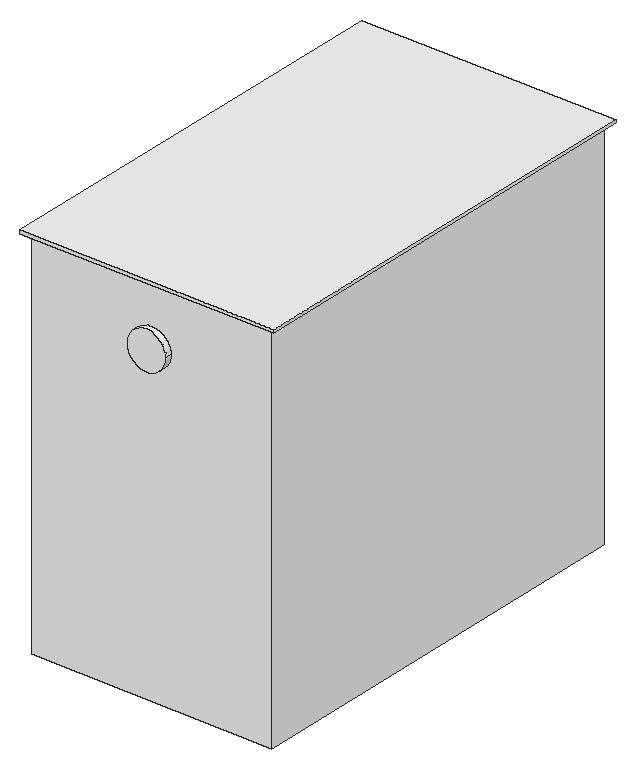
Revit family "MI-FISH", category Plumbing Fixtures, host Face, Revit 2026
Family settings
  Host = Face
  Round Connector Dimension = Use Radius
  Part Type = Normal
  Classification Number = 23.45.30.00
  Enable Cutting in Views = No
  Cut with Voids When Loaded = No
  Maintain Annotation Orientation = No
  Shared = No
  Room Calculation Point = No
Parameters (values of type "MI-FISH-9")
  Water Capacity = "506.42 Gallons"
  WFU = 0
  URL = "www.mifab.com"
  Standard Inlet And Outlet Radii = F / 2  # 3.000"
  Model = "MI-FISH-9"
  Manufacturer = "MIFAB"
  Interceptor Material = Acid Resistant Epoxy Coated Green
  F = 6.000"
  E = 60.000"
  Description = "Fish Scale Interceptor"
  Default Elevation = 0.000"
  D = 50.000"
  C = 10.000"
  B = 40.000"
  Assembly Code = "D2090300"
  A = 67.500"
Types (13): name | Water Capacity | Standard Inlet And Outlet Radii | Model | F | E | D | C | B | A
  (no name) | "506.42 Gallons" | 3.000" | "MI-FISH-9" | 6.000" | 60.000" | 50.000" | 10.000" | 40.000" | 67.500"
  MI-FISH-1 | "34.29 Gallons" | 1.000" | "MI-FISH-1" | 2.000" | 20.000" | 17.000" | 3.000" | 20.000" | 29.500"
  MI-FISH-2 | "40.74 Gallons" | 1.500" | "MI-FISH-2" | 3.000" | 24.000" | 20.000" | 4.000" | 20.500" | 29.500"
  MI-FISH-3 | "80.18 Gallons" | 1.500" | "MI-FISH-3" | 3.000" | 30.000" | 26.000" | 4.000" | 26.000" | 33.500"
  MI-FISH-4 | "114.03 Gallons" | 1.500" | "MI-FISH-4" | 3.000" | 32.000" | 28.000" | 4.000" | 30.000" | 37.500"
  MI-FISH-5 | "155.64 Gallons" | 2.000" | "MI-FISH-5" | 4.000" | 36.000" | 30.000" | 6.000" | 26.000" | 55.500"
  MI-FISH-6 | "213.80 Gallons" | 3.000" | "MI-FISH-6" | 6.000" | 40.000" | 32.000" | 8.000" | 28.000" | 67.500"
  MI-FISH-7 | "302.26 Gallons" | 3.000" | "MI-FISH-7" | 6.000" | 54.000" | 44.000" | 10.000" | 28.000" | 67.500"
  MI-FISH-8 | "404.91 Gallons" | 3.000" | "MI-FISH-8" | 6.000" | 66.000" | 54.000" | 12.000" | 30.000" | 67.500"
  MI-FISH-9 | "506.42 Gallons" | 3.000" | "MI-FISH-9" | 6.000" | 60.000" | 50.000" | 10.000" | 40.000" | 67.500"
  MI-FISH-10 | "868.65 Gallons" | 3.000" | "MI-FISH-10" | 6.000" | 62.000" | 54.000" | 8.000" | 40.000" | 91.500"
  MI-FISH-11 | "1017.35 Gallons" | 3.000" | "MI-FISH-11" | 6.000" | 66.000" | 54.000" | 12.000" | 50.000" | 98.000"
  MI-FISH-12 | "1536 Gallons" | 3.000" | "MI-FISH-12" | 6.000" | 92.000" | 80.000" | 12.000" | 50.000" | 98.000"
Reference planes (in)
  plane 1 "Center (Front/Back)": y = 0
  plane 2: z = 0
  plane 3 "Center (Left/Right)": x = 0
  plane 4: x = -20
  plane 5: y = -33.75
  plane 6: y = 33.75
  plane 7: x = 20
  plane 8: z = -10
  plane 9: z = -60
  plane 10: z = -60
  plane 11: z = -0.1345
  plane 12: z = -59.8655
Forms (in)
  Extrusion 1, solid, material "Acid Resistant Epoxy Coated Green" <- "Interceptor Material"
    sketch origin (0, 0, 0) x (1, 0, 0) y (0, 1, 0)
      loop
        line (-20, 33.75) -> (-20, -33.75) -> (20, -33.75) -> (20, 33.75) -> (-20, 33.75)
    from 0 to -0.5
  Extrusion 2, solid, material "Acid Resistant Epoxy Coated Green" <- "Interceptor Material"
    sketch origin (0, 0, 0) x (1, 0, 0) y (0, 1, 0)
      loop
        line (-19, 32.75) -> (-19, -32.75) -> (19, -32.75) -> (19, 32.75) -> (-19, 32.75)
    from 0 to -60
  Extrusion 3, solid, material "Acid Resistant Epoxy Coated Green" <- "Interceptor Material"
    sketch origin (0, 0, 0) x (1, 0, 0) y (0, 0, 1)
      loop
        circle (0, -10) r 3
    from -33.75 to 33.75
Cuts and joins
  joined: Extrusion 1, Extrusion 2, Extrusion 3
Lines and regions (in)
  symbolic lines, style "PlumbingFixtures"
    curve 1: line (-20, 33.75, 0) -> (20, 33.75, 0)
    curve 2: line (-20, -33.75, 0) -> (-20, 33.75, 0)
    curve 3: line (20, -33.75, 0) -> (-20, -33.75, 0)
    curve 4: line (20, 33.75, 0) -> (20, -33.75, 0)
Dimensions and locks (in)
  equal spacing: plane 4, plane 3 "Center (Left/Right)", plane 7
  equal spacing: plane 6, plane 1 "Center (Front/Back)", plane 5
  "B": plane 4 to plane 7
  "A": plane 6 to plane 5
  "C": host face to plane 8
  "D": plane 8 to plane 9
  "E": host face to plane 10
  equal spacing: Extrusion 2 sketch curve, plane 3 "Center (Left/Right)", Extrusion 2 sketch curve
  equal spacing: Extrusion 2 sketch curve, plane 1 "Center (Front/Back)", Extrusion 2 sketch curve
  Extrusion 2 sketch curve to plane 6 = 1.000"
  plane 4 to Extrusion 2 sketch curve = 1.000"
  locked: plane 12 to plane 10 at 0.1345
  locked: host face to plane 11 at 0.1345
  "F": diameter of Extrusion 3 sketch curve
  aligned and locked: plane 2 to host face
  aligned and locked: level to host face
  aligned and locked: Extrusion 1 sketch curve to plane 6
  aligned and locked: plane 4 to Extrusion 1 sketch curve
  aligned and locked: plane 5 to Extrusion 1 sketch curve
  aligned and locked: Extrusion 1 sketch curve to plane 7
  aligned and locked: Extrusion 2 to plane 9
  aligned and locked: Extrusion 3 to plane 5
  aligned and locked: plane 6 to Extrusion 3
  aligned and locked: Extrusion 3 to cut or joined group of Extrusion 1, Extrusion 2, Extrusion 3
  aligned and locked: curve 1 to plane 6
  aligned and locked: plane 4 to curve 2
  aligned and locked: plane 5 to curve 3
  aligned and locked: curve 4 to plane 7
Automatic sketch dimensions
  host sketch curve to host sketch curve = 93.11571"
  host sketch curve to host sketch curve = 125.84931"
  Extrusion 3 sketch curve to plane 3 "Center (Left/Right)" = 0.000"
  Extrusion 3 sketch curve to plane 8 = 0.000"
Connectors (in)
  piping at (0, 33.75, -10), diameter 6, driven by "Standard Inlet And Outlet Radii"
    settings: on cut or joined group of Extrusion 1, Extrusion 2, Extrusion 3, index 1, connector inside diameter 6", connector length 0.000", flow factor 0, pipe flow 0 GPM, pressure drop 0.00 psi, fitting loss kfactor 0, connector angle 0.00°, fixture units 0, engagement length 0.000", angle of deflection 0.00°, flow configuration 0, flow direction 1, fitting loss method 0, system type 16, joint type 0, gender type 0, connector reference index -1, connector utility 0, adjustable connector no, is connector primary yes, connector description "In"
  piping at (0, -33.75, -10), diameter 6, driven by "Standard Inlet And Outlet Radii"
    settings: on cut or joined group of Extrusion 1, Extrusion 2, Extrusion 3, index 2, connector inside diameter 6", connector length 0.000", flow factor 0, pipe flow 0 GPM, pressure drop 0.00 psi, fitting loss kfactor 0, connector angle 0.00°, fixture units 0, engagement length 0.000", angle of deflection 0.00°, flow configuration 0, flow direction 2, fitting loss method 0, system type 16, joint type 0, gender type 0, connector reference index -1, connector utility 0, adjustable connector no, is connector primary no, connector description "Out"
